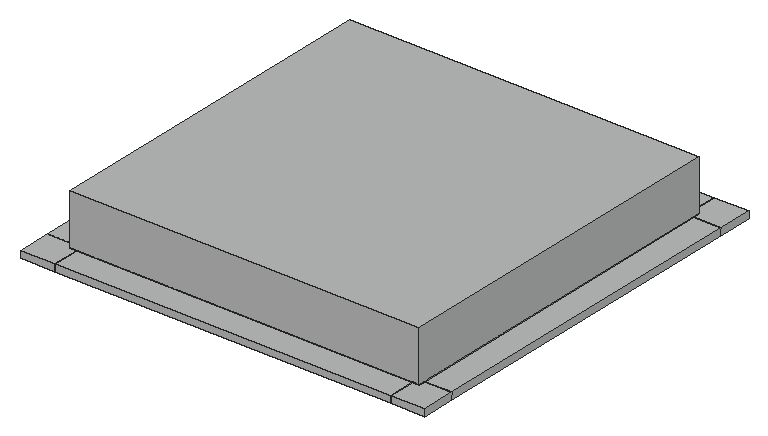
Revit family "ALUMOGIPS", category Осветительные приборы, Revit 2019 (continued)
Types (72, lengths in mm): name | Файл фотометрической сетки | built-in parameter 1150105 | Lumens | built-in parameter 1150106 | built-in parameter 1150142 | Wattage | Emit from Rectangle Width | Emit from Rectangle Length | Длина | Материал светильника | Ширина | ADSK_Ток | ADSK_Полная мощность | ADSK_Обозначение | ADSK_Номинальная мощность | ADSK_Наименование | ADSK_Масса | ADSK_Код изделия
    0.098 0.098 0.000 0.000 0.000 0.000 \r\n1417.637 1417.044 1413.295 1407.474 1398.890 1388.135 1374.815 1358.437 1340.184 1319.661 1296.869 1271.808 1244.971 1216.258 1185.673 1153.507 1120.158 1085.131 \r\n1048.823 1011.329 973.046 933.284 893.127 851.884 810.741 768.314 725.888 683.165 639.752 596.240 552.728 509.019 465.902 422.686 379.371 337.044 295.505 254.757 215.388 176.909 \r\n138.232 103.698 70.942 40.157 12.136 0.592 0.592 0.592 0.493 0.493 0.493 0.493 0.493 0.493 0.493 0.395 0.395 0.395 0.395 0.395 0.395 0.395 0.395 0.296 0.296 0.296 0.296 0.296 0.296 0.296 0.296 0.197 \r\n0.197 0.197 0.197 0.197 0.197 0.197 0.197 0.098 0.098 0.098 0.098 0.098 0.098 0.098 0.098 0.000 0.000 0.000 0.000 \r\n1417.637 1416.946 1413.197 1407.376 1398.693 1387.839 1374.520 1358.042 1339.789 1319.168 1296.376 1271.315 1244.477 1215.765 1185.179 1152.915 1119.566 1084.539 \r\n1048.230 1010.638 972.356 932.594 892.436 851.194 810.050 767.623 725.197 682.474 639.160 595.649 552.038 508.427 465.310 422.094 378.878 336.550 295.111 254.362 214.895 176.514 \r\n137.935 103.403 70.744 39.960 11.939 0.592 0.592 0.592 0.493 0.493 0.493 0.493 0.493 0.493 0.493 0.395 0.395 0.395 0.395 0.395 0.395 0.395 0.395 0.296 0.296 0.296 0.296 0.296 0.296 0.296 0.296 0.197 \r\n0.197 0.197 0.197 0.197 0.197 0.197 0.197 0.098 0.098 0.098 0.098 0.098 0.098 0.098 0.098 0.000 0.000 0.000 0.000 \r\n1417.637 1416.946 1413.098 1407.178 1398.495 1387.544 1374.223 1357.747 1339.395 1318.773 1295.882 1270.822 1243.886 1215.174 1184.587 1152.323 1118.974 1083.848 \r\n1047.540 1009.947 971.665 931.903 891.746 850.503 809.359 766.933 724.507 681.784 638.470 594.958 551.445 507.836 464.718 421.502 378.287 336.057 294.617 253.967 214.500 176.119 \r\n137.640 103.106 70.447 39.762 11.741 0.592 0.592 0.592 0.493 0.493 0.493 0.493 0.493 0.493 0.493 0.395 0.395 0.395 0.395 0.395 0.395 0.395 0.395 0.296 0.296 0.296 0.296 0.296 0.296 0.296 0.296 0.197 \r\n0.197 0.197 0.197 0.197 0.197 0.197 0.197 0.098 0.098 0.098 0.098 0.098 0.098 0.098 0.098 0.000 0.000 0.000 0.000 \r\n1417.637 1416.848 1412.999 1407.079 1398.298 1387.247 1373.829 1357.352 1339.000 1318.378 1295.488 1270.327 1243.392 1214.680 1183.995 1151.731 1118.283 1083.257 \r\n1046.849 1009.257 970.975 931.113 891.055 849.813 808.668 766.242 723.914 681.093 637.779 594.266 550.755 507.145 464.126 421.009 377.793 335.564 294.222 253.474 214.105 175.823 \r\n137.343 102.810 70.250 39.467 11.445 0.592 0.592 0.592 0.493 0.493 0.493 0.493 0.493 0.493 0.493 0.395 0.395 0.395 0.395 0.395 0.395 0.395 0.395 0.296 0.296 0.296 0.296 0.296 0.296 0.296 0.296 0.197 \r\n0.197 0.197 0.197 0.197 0.197 0.197 0.197 0.098 0.098 0.098 0.098 0.098 0.098 0.098 0.098 0.000 0.000 0.000 0.000 \r\n1417.637 1416.848 1412.901 1406.882 1398.002 1387.051 1373.533 1356.957 1338.605 1317.983 1294.994 1269.834 1242.899 1214.089 1183.403 1151.041 1117.692 1082.665 \r\n1046.257 1008.566 970.284 930.423 890.266 849.121 807.978 765.552 723.224 680.403 637.187 593.675 550.163 506.553 463.534 420.416 377.300 335.071 293.729 253.079 213.712 175.429 \r\n136.949 102.515 69.954 39.269 11.248 0.592 0.592 0.592 0.493 0.493 0.493 0.493 0.493 0.493 0.493 0.395 0.395 0.395 0.395 0.395 0.395 0.395 0.395 0.296 0.296 0.296 0.296 0.296 0.296 0.296 0.296 0.197 \r\n0.197 0.197 0.197 0.197 0.197 0.197 0.197 0.098 0.098 0.098 0.098 0.098 0.098 0.098 0.098 0.000 0.000 0.000 0.000 \r\n1417.637 1416.749 1412.802 1406.684 1397.805 1386.754 1373.237 1356.661 1338.210 1317.589 1294.599 1269.341 1242.406 1213.496 1182.811 1150.448 1117.099 1081.974 \r\n1045.566 1007.974 969.593 929.732 889.575 848.333 807.287 764.861 722.533 679.712 636.496 592.985 549.472 505.960 462.942 419.825 376.707 334.577 293.236 252.684 213.317 175.034 \r\n136.652 102.218 69.659 39.072 11.051 0.592 0.592 0.592 0.493 0.493 0.493 0.493 0.493 0.493 0.493 0.395 0.395 0.395 0.395 0.395 0.395 0.395 0.395 0.296 0.296 0.296 0.296 0.296 0.296 0.296 0.296 0.197 \r\n0.197 0.197 0.197 0.197 0.197 0.197 0.197 0.098 0.098 0.098 0.098 0.098 0.098 0.098 0.098 0.000 0.000 0.000 0.000 \r\n1417.637 1416.749 1412.704 1406.586 1397.607 1386.458 1372.941 1356.266 1337.815 1317.095 1294.106 1268.848 1241.813 1213.003 1182.219 1149.856 1116.409 1081.382 \r\n1044.876 1007.283 968.902 929.042 888.885 847.642 806.597 764.170 721.843 679.120 635.806 592.293 548.881 505.368 462.351 419.332 376.214 334.084 292.841 252.191 212.922 174.738 \r\n136.357 101.922 69.461 38.776 10.853 0.592 0.592 0.592 0.493 0.493 0.493 0.493 0.493 0.493 0.493 0.395 0.395 0.395 0.395 0.395 0.395 0.395 0.395 0.296 0.296 0.296 0.296 0.296 0.296 0.296 0.296 0.197 \r\n0.197 0.197 0.197 0.197 0.197 0.197 0.197 0.098 0.098 0.098 0.098 0.098 0.098 0.098 0.098 0.000 0.000 0.000 0.000 \r\n1417.637 1416.650 1412.604 1406.389 1397.311 1386.162 1372.546 1355.871 1337.421 1316.701 1293.613 1268.355 1241.320 1212.411 1181.627 1149.265 1115.816 1080.691 \r\n1044.284 1006.593 968.212 928.351 888.194 846.951 805.906 763.479 721.151 678.429 635.213 591.702 548.190 504.777 461.758 418.740 375.721 333.591 292.348 251.796 212.527 174.343 \r\n135.962 101.627 69.165 38.579 10.557 0.592 0.592 0.592 0.493 0.493 0.493 0.493 0.493 0.493 0.493 0.395 0.395 0.395 0.395 0.395 0.395 0.395 0.395 0.296 0.296 0.296 0.296 0.296 0.296 0.296 0.296 0.197 \r\n0.197 0.197 0.197 0.197 0.197 0.197 0.197 0.098 0.098 0.098 0.098 0.098 0.098 0.098 0.098 0.000 0.000 0.000 0.000 \r\n1417.637 1416.650 1412.506 1406.191 1397.114 1385.866 1372.250 1355.576 1337.027 1316.307 1293.218 1267.861 1240.827 1211.918 1181.035 1148.672 1115.225 1080.099 \r\n1043.593 1005.902 967.620 927.660 887.503 846.260 805.215 762.789 720.461 677.739 634.523 591.011 547.598 504.086 461.166 418.247 375.129 333.098 291.855 251.401 212.132 173.948 \r\n135.666 101.429 68.968 38.381 10.360 0.592 0.592 0.592 0.493 0.493 0.493 0.493 0.493 0.493 0.493 0.493 0.395 0.395 0.395 0.395 0.395 0.395 0.395 0.296 0.296 0.296 0.296 0.296 0.296 0.296 0.296 0.197 \r\n0.197 0.197 0.197 0.197 0.197 0.197 0.197 0.098 0.098 0.098 0.098 0.098 0.098 0.098 0.098 0.000 0.000 0.000 0.000 \r\n1417.637 1416.650 1412.407 1406.093 1396.917 1385.669 1371.954 1355.181 1336.632 1315.912 1292.725 1267.368 1240.334 1211.325 1180.443 1147.982 1114.633 1079.409 \r\n1042.903 1005.212 966.929 926.969 886.812 845.569 804.524 762.098 719.770 677.048 633.832 590.320 546.907 503.494 460.574 417.654 374.636 332.603 291.460 250.908 211.738 173.653 \r\n135.371 101.133 68.671 38.086 10.163 0.592 0.592 0.592 0.493 0.493 0.493 0.493 0.493 0.493 0.493 0.493 0.395 0.395 0.395 0.395 0.395 0.395 0.395 0.296 0.296 0.296 0.296 0.296 0.296 0.296 0.296 0.197 \r\n0.197 0.197 0.197 0.197 0.197 0.197 0.197 0.098 0.098 0.098 0.098 0.098 0.098 0.098 0.098 0.000 0.000 0.000 0.000 \r\n1417.637 1416.551 1412.309 1405.895 1396.621 1385.373 1371.559 1354.786 1336.237 1315.419 1292.232 1266.875 1239.742 1210.733 1179.851 1147.390 1113.942 1078.816 \r\n1042.310 1004.521 966.238 926.279 886.121 844.879 803.834 761.408 719.080 676.357 633.240 589.728 546.315 502.902 459.982 417.062 374.043 332.110 290.967 250.513 211.343 173.258 \r\n135.074 100.837 68.376 37.888 9.965 0.592 0.592 0.592 0.493 0.493 0.493 0.493 0.493 0.493 0.493 0.493 0.395 0.395 0.395 0.395 0.395 0.395 0.395 0.296 0.296 0.296 0.296 0.296 0.296 0.296 0.296 0.197 \r\n0.197 0.197 0.197 0.197 0.197 0.197 0.197 0.098 0.098 0.098 0.098 0.098 0.098 0.098 0.098 0.000 0.000 0.000 0.000 \r\n1417.637 1416.551 1412.111 1405.796 1396.423 1385.077 1371.264 1354.391 1335.842 1315.024 1291.837 1266.382 1239.248 1210.240 1179.259 1146.798 1113.350 1078.126 \r\n1041.620 1003.831 965.548 925.588 885.431 844.090 803.143 760.717 718.389 675.666 632.549 589.038 545.723 502.310 459.390 416.569 373.550 331.617 290.474 250.119 210.948 172.863 \r\n134.679 100.541 68.178 37.591 9.669 0.592 0.592 0.592 0.493 0.493 0.493 0.493 0.493 0.493 0.493 0.493 0.395 0.395 0.395 0.395 0.395 0.395 0.395 0.296 0.296 0.296 0.296 0.296 0.296 0.296 0.296 0.197 \r\n0.197 0.197 0.197 0.197 0.197 0.197 0.197 0.098 0.098 0.098 0.098 0.098 0.098 0.098 0.098 0.000 0.000 0.000 0.000 \r\n1417.637 1416.453 1412.013 1405.600 1396.226 1384.781 1370.968 1354.095 1335.448 1314.629 1291.344 1265.888 1238.754 1209.648 1178.667 1146.206 1112.758 1077.534 \r\n1040.929 1003.140 964.857 924.898 884.740 843.400 802.453 760.026 717.698 674.976 631.859 588.446 545.032 501.718 458.798 415.977 373.057 331.124 290.079 249.625 210.553 172.567 \r\n134.383 100.245 67.883 37.394 9.472 0.592 0.592 0.592 0.493 0.493 0.493 0.493 0.493 0.493 0.493 0.493 0.395 0.395 0.395 0.395 0.395 0.395 0.395 0.296 0.296 0.296 0.296 0.296 0.296 0.296 0.296 0.197 \r\n0.197 0.197 0.197 0.197 0.197 0.197 0.197 0.098 0.098 0.098 0.098 0.098 0.098 0.098 0.098 0.000 0.000 0.000 0.000 \r\n1417.637 1416.453 1411.914 1405.402 1395.930 1384.583 1370.671 1353.701 1335.053 1314.234 1290.850 1265.395 1238.261 1209.155 1178.075 1145.515 1112.067 1076.844 \r\n1040.239 1002.548 964.167 924.207 883.951 842.708 801.762 759.336 717.008 674.383 631.267 587.755 544.441 501.126 458.206 415.385 372.465 330.631 289.585 249.231 210.160 172.172 \r\n134.088 99.949 67.685 37.198 9.275 0.592 0.592 0.592 0.493 0.493 0.493 0.493 0.493 0.493 0.493 0.493 0.395 0.395 0.395 0.395 0.395 0.395 0.395 0.296 0.296 0.296 0.296 0.296 0.296 0.296 0.296 0.197 \r\n0.197 0.197 0.197 0.197 0.197 0.197 0.197 0.098 0.098 0.098 0.098 0.098 0.098 0.098 0.098 0.000 0.000 0.000 0.000 \r\n1417.637 1416.354 1411.816 1405.303 1395.733 1384.288 1370.276 1353.307 1334.658 1313.741 1290.456 1264.901 1237.669 1208.563 1177.582 1144.923 1111.476 1076.252 \r\n1039.646 1001.857 963.476 923.417 883.260 842.018 801.072 758.644 716.317 673.693 630.576 587.064 543.749 500.435 457.614 414.891 371.972 330.137 289.191 248.836 209.765 171.778 \r\n133.693 99.653 67.389 36.901 9.077 0.592 0.592 0.592 0.493 0.493 0.493 0.493 0.493 0.493 0.493 0.493 0.395 0.395 0.395 0.395 0.395 0.395 0.395 0.296 0.296 0.296 0.296 0.296 0.296 0.296 0.296 0.197 \r\n0.197 0.197 0.197 0.197 0.197 0.197 0.197 0.098 0.098 0.098 0.098 0.098 0.098 0.098 0.098 0.000 0.000 0.000 0.000 \r\n" | 25.582 W | 275 | 1175 | 1195 | RAL 9006 | 295 | 0.179584 A | 41.3043 VA | "Alumogips-38/opal-sand 295х1195 (IP40, 4000К, серый)" | 38 W | "Встраиваемый светодиодный светильник Alumogips-38/opal-sand 295х1195 (IP40, 4000К, серый)" | 2.5 | "ЦБ000007184"
